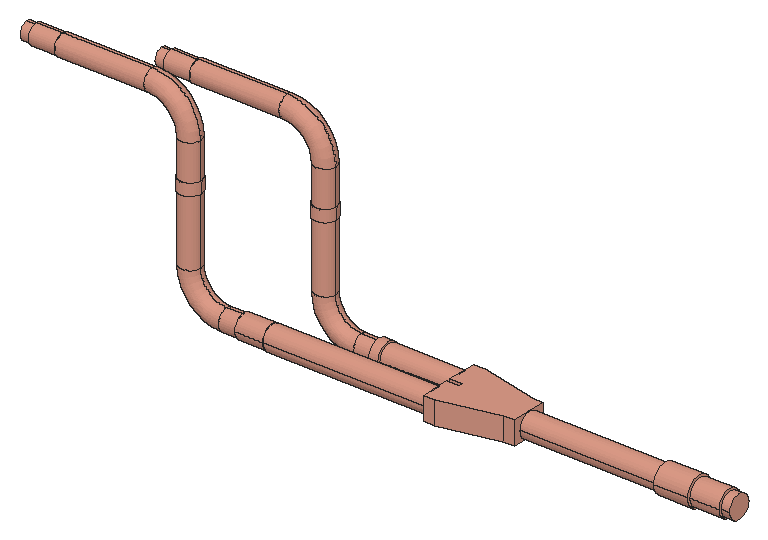
Revit family "outputfile", category 配管付属品, Revit 2024
Family settings
  丸型コネクタ寸法 = 半径を使用
  パーツ タイプ = 標準
  OmniClass 番号 = 23.65.55.00
  OmniClass タイトル = Distribution of Supplied Liquids/Gases
  作業面ベース = いいえ
  常に垂直 = はい
  ロード時にボイドで切り取り = いいえ
  共有 = いいえ
Parameters (values of type "BHFP26MA56")
  Description = ""
  製造元 = "Daikin"
  書き出し IFC クラス(タイプ) = "IfcPipeFittingType"
  Default Elevation = 0.0 mm
  定義済み IFC タイプ(タイプ) = "JUNCTION"
  Cost = 0
  モデル = "BHFP26MA56"
  Type Comments = ""
  Keynote = ""
  Type Image = (empty or 0)
  Assembly Code = ""
  table_PipeToCU_B [instance] = if(mm⇔inch, "Multi Module Kit_BHFP26MA-_HPLPGas_PipeToCU_B", "Multi Module Kit_BHFP26MA-_HPLPGas_PipeToCU_B_inch")  # "Multi Module Kit_BHFP26MA-_HPLPGas_PipeToCU_B"
  table_PipeToCU_A [instance] = if(mm⇔inch, "Multi Module Kit_BHFP26MA-_HPLPGas_PipeToCU_A", "Multi Module Kit_BHFP26MA-_HPLPGas_PipeToCU_A_inch")  # "Multi Module Kit_BHFP26MA-_HPLPGas_PipeToCU_A"
  table_ToMainPipe [instance] = if(mm⇔inch, "Multi Module Kit_BHFP26MA-_HPLPGas_ToMainPipe", "Multi Module Kit_BHFP26MA-_HPLPGas_ToMainPipe_inch")  # "Multi Module Kit_BHFP26MA-_HPLPGas_ToMainPipe"
  switch_ToMainPipe3 [instance] = if(number_ToMainPipe < 3, 1 = 0, 1 = 1)  # yes
  switch_PipeToCU_B Reducer [instance] = if(and(Is_PipeToCU_B Reducer = 1, judge_IsOffsetPipe_ToOutdoorUnitB = 0), 1 = 1, 1 = 0)  # yes
  switch_PipeToCU_B4 [instance] = if(number_PipeToCU_B < 4, 1 = 0, 1 = 1)  # no
  switch_PipeToCU_B3 [instance] = if(number_PipeToCU_B < 3, 1 = 0, 1 = 1)  # no
  switch_PipeToCU_B2 [instance] = if(number_PipeToCU_B < 2, 1 = 0, 1 = 1)  # no
  switch_PipeToCU_A Reducer [instance] = if(Is_PipeToCU_A Reducer = 1, 1 = 1, 1 = 0)  # yes
  switch_ToMainPipe Reducer [instance] = if(Is_ToMainPipe Reducer = 1, 1 = 1, 1 = 0)  # no
  switch_ToMainPipe2 [instance] = if(number_ToMainPipe < 2, 1 = 0, 1 = 1)  # yes
  switch_Offset Reducer(4) [instance] = if(and([judge_JointType(1or2)] = 1, Is_PipeToCU_B Reducer = 1, judge_IsOffsetPipe_ToOutdoorUnitB = 1), 1 = 1, 1 = 0)  # no
  switch_Offset Reducer(3) [instance] = if(and([judge_JointType(1or2)] = 2, Is_PipeToCU_B Reducer = 1, judge_IsOffsetPipe_ToOutdoorUnitB = 1), 1 = 1, 1 = 0)  # no
  r_PipeToCU_B_ActualDiameter [instance] = [PipeToCU_B_HP/LP Gas_ActualDiameter] / 2  # 7.95 mm
  r_PipeToCU_A_ActualDiameter [instance] = [PipeToCU_A_HP/LP Gas_ActualDiameter] / 2  # 7.95 mm
  r_ToMainPipe_ActualDiameter [instance] = [ToMainPipe_HP/LP Gas_ActualDiameter] / 2  # 11.1 mm
  number_PipeToCU_B ReducerPipe [instance] = size_lookup(table_PipeToCU_B, "reducerPipeNumber", 2, モデル, judge_IsOffsetPipe_ToOutdoorUnitB, [PipeToCU_B_HP/LP Gas_ActualDiameter])  # 2
  number_PipeToCU_B [instance] = size_lookup(table_PipeToCU_B, "pipeNumber", 1, モデル, judge_IsOffsetPipe_ToOutdoorUnitB, [PipeToCU_B_HP/LP Gas_ActualDiameter])  # 1
  number_PipeToCU_A ReducerPipe [instance] = size_lookup(table_PipeToCU_A, "reducerPipeNumber", 2, モデル, [PipeToCU_A_HP/LP Gas_ActualDiameter])  # 2
  number_ToMainPipe [instance] = size_lookup(table_ToMainPipe, "pipeNumber", 3, モデル, [ToMainPipe_HP/LP Gas_ActualDiameter])  # 3
  mm⇔inch [instance] = yes
  l_ToMainPipe3 [instance] = size_lookup(table_ToMainPipe, "L_Pipe3", 10.0 mm, モデル)  # 10.0 mm
  h_PipeToCU_B Connector [instance] = if(Is_PipeToCU_B Reducer = 1, 200.0 mm, 0.0 mm)  # 200.0 mm
  h_PipeToCU_A Connector [instance] = if(Is_PipeToCU_A Reducer = 1, 200.0 mm, 0.0 mm)  # 200.0 mm
  angle_PipeToCU_B Reducer [instance] = 90.00°  # constant formula
  Unit Type = "BHFP26MA-_HPLPGas"
  Uniclass2015Version = "Products v1.31"
  Uniclass2015Title = "Copper pipe fittings"
  Uniclass2015Code = "Pr_65_52_63_18"
  URL = ""
  ToMainPipe_HP/LP Gas_Status [instance] = size_lookup(table_ToMainPipe, "Information", "The connected pipe size is not available.", モデル, [ToMainPipe_HP/LP Gas_ActualDiameter])  # "Default connector size is used."
  ToMainPipe_HP/LP Gas_ActualDiameter [instance] = 22.2 mm
  Tag No. [instance] = ""
  Series = "Multi Module kit"
  PipeToCU_B_HP/LP Gas_Status [instance] = size_lookup(table_PipeToCU_B, "Information", "The connected pipe size is not available.", モデル, judge_IsOffsetPipe_ToOutdoorUnitB, [PipeToCU_B_HP/LP Gas_ActualDiameter])  # "Reducer is used at connector."
  PipeToCU_B_HP/LP Gas_ActualDiameter [instance] = 15.9 mm
  PipeToCU_A_HP/LP Gas_Status [instance] = size_lookup(table_PipeToCU_A, "Information", "The connected pipe size is not available.", モデル, [PipeToCU_A_HP/LP Gas_ActualDiameter])  # "Reducer is used at connector."
  PipeToCU_A_HP/LP Gas_ActualDiameter [instance] = 15.9 mm
  Material_Piping = DAIKIN_Copper_Pipe
  Material_Insulation = DAIKIN_White_Insulation
  location_PipeToCU_B connector [instance] = size_lookup(table_PipeToCU_B, "Locationconnector", 0.0 mm, モデル, judge_IsOffsetPipe_ToOutdoorUnitB, [PipeToCU_B_HP/LP Gas_ActualDiameter])  # 0.0 mm
  location_PipeToCU_A connector [instance] = size_lookup(table_PipeToCU_A, "Locationconnector", 0.0 mm, モデル, [PipeToCU_A_HP/LP Gas_ActualDiameter])  # 0.0 mm
  l_PipeToCU_B connector [instance] = size_lookup(table_PipeToCU_B, "Length", 433.0 mm, モデル, judge_IsOffsetPipe_ToOutdoorUnitB, [PipeToCU_B_HP/LP Gas_ActualDiameter])  # 433.0 mm
  l_PipeToCU_B Reducer [instance] = 100.0 mm  # constant formula
  l_PipeToCU_B4 [instance] = size_lookup(table_PipeToCU_B, "L_Pipe4", 2.0 mm, モデル)  # 2.0 mm
  l_PipeToCU_B3 [instance] = size_lookup(table_PipeToCU_B, "L_Pipe3", 2.0 mm, モデル)  # 2.0 mm
  l_PipeToCU_B2 [instance] = size_lookup(table_PipeToCU_B, "L_Pipe2", 10.0 mm, モデル)  # 10.0 mm
  l_PipeToCU_B1 [instance] = size_lookup(table_PipeToCU_B, "L_Pipe1", 30.0 mm, モデル)  # 30.0 mm
  l_PipeToCU_B0 [instance] = size_lookup(table_PipeToCU_B, "L_Pipe0", 173.0 mm, モデル)  # 173.0 mm
  l_PipeToCU_A connector [instance] = size_lookup(table_PipeToCU_A, "Length", 318.0 mm, モデル, [PipeToCU_A_HP/LP Gas_ActualDiameter])  # 318.0 mm
  l_PipeToCU_A1 [instance] = size_lookup(table_PipeToCU_A, "L_Pipe1", 10.0 mm, モデル)  # 10.0 mm
  l_PipeToCU_A0 [instance] = size_lookup(table_PipeToCU_A, "L_Pipe0", 78.0 mm, モデル)  # 78.0 mm
  l_ToMainPipe connector [instance] = size_lookup(table_ToMainPipe, "Length", 223.0 mm, モデル, [ToMainPipe_HP/LP Gas_ActualDiameter])  # 223.0 mm
  l_ToMainPipe Reducer [instance] = size_lookup(table_ToMainPipe, "L_Reducer", 2.0 mm, モデル, [ToMainPipe_HP/LP Gas_ActualDiameter])  # 2.0 mm
  l_ToMainPipe2 [instance] = size_lookup(table_ToMainPipe, "L_Pipe2", 32.0 mm, モデル)  # 32.0 mm
  l_ToMainPipe1 [instance] = size_lookup(table_ToMainPipe, "L_Pipe1", 36.0 mm, モデル)  # 36.0 mm
  l_ToMainPipe0 [instance] = size_lookup(table_ToMainPipe, "L_Pipe0", 145.0 mm, モデル)  # 145.0 mm
  judge_IsOffsetPipe_ToOutdoorUnitB [instance] = 0  # constant formula
  judge_JointType(1or2) = 2
  count_PipeToCU_B Reducer [instance] = size_lookup(table_PipeToCU_B, "reducerCount", 1, モデル, judge_IsOffsetPipe_ToOutdoorUnitB, [PipeToCU_B_HP/LP Gas_ActualDiameter])  # 1
  count_PipeToCU_A Reducer [instance] = size_lookup(table_PipeToCU_A, "reducerCount", 1, モデル, [PipeToCU_A_HP/LP Gas_ActualDiameter])  # 1
  angle_PipeToCU_A Reducer [instance] = 90.00°  # constant formula
  angle_PipeToCU_A Connector [instance] = 90.00°  # constant formula
  PipeToCU_B_HP/LP Gas_AvailableDiameter [instance] = size_lookup(table_PipeToCU_B, "sizeVariation", "", モデル, judge_IsOffsetPipe_ToOutdoorUnitB)  # "15.9/19.1mm"
  PipeToCU_A_HP/LP Gas_AvailableDiameter [instance] = size_lookup(table_PipeToCU_A, "sizeVariation", "", モデル)  # "15.9/19.1mm"
  ToMainPipe_HP/LP Gas_AvailableDiameter [instance] = size_lookup(table_ToMainPipe, "sizeVariation", "", モデル)  # "22.2/25.4/28.6mm"
  O.D_ToMainPipe Reducer [instance] = size_lookup(table_ToMainPipe, "O.D_reducer", 2.0 mm, モデル, [ToMainPipe_HP/LP Gas_ActualDiameter])  # 2.0 mm
  Link_Nested Family [instance] = ""
  Is_PipeToCU_B Reducer [instance] = size_lookup(table_PipeToCU_B, "IsReducer", 1, モデル, judge_IsOffsetPipe_ToOutdoorUnitB, [PipeToCU_B_HP/LP Gas_ActualDiameter])  # 1
  Is_PipeToCU_A Reducer [instance] = size_lookup(table_PipeToCU_A, "IsReducer", 1, モデル, [PipeToCU_A_HP/LP Gas_ActualDiameter])  # 1
  Is_ToMainPipe Reducer [instance] = size_lookup(table_ToMainPipe, "IsReducer", 0, モデル, [ToMainPipe_HP/LP Gas_ActualDiameter])  # 0
  IfcVersion = ""
  IfcExportType = "JUNCTION"
  IfcExportAs = "IfcPipeFittingType"
  I.D_ToMainPipe3 [instance] = size_lookup(table_ToMainPipe, "I.D_PipeSize3", 22.2 mm, モデル)  # 22.2 mm
  Attach_Insulation [instance] = no
  I.D_PipeToCU_B4 [instance] = size_lookup(table_PipeToCU_B, "I.D_PipeSize4", 2.0 mm, モデル)  # 2.0 mm
  I.D_PipeToCU_B3 [instance] = size_lookup(table_PipeToCU_B, "I.D_PipeSize3", 2.0 mm, モデル)  # 2.0 mm
  I.D_PipeToCU_B2 [instance] = size_lookup(table_PipeToCU_B, "I.D_PipeSize2", 19.1 mm, モデル)  # 19.1 mm
  I.D_PipeToCU_B1 [instance] = size_lookup(table_PipeToCU_B, "I.D_PipeSize1", 22.5 mm, モデル)  # 22.5 mm
  I.D_PipeToCU_B0 [instance] = size_lookup(table_PipeToCU_B, "I.D_PipeSize0", 23.4 mm, モデル)  # 23.4 mm
  I.D_PipeToCU_A1 [instance] = 24.5 mm  # constant formula
  I.D_PipeToCU_A0 [instance] = 22.2 mm  # constant formula
  I.D_ToMainPipe Reducer [instance] = size_lookup(table_ToMainPipe, "I.D_reducer", 2.0 mm, モデル, [ToMainPipe_HP/LP Gas_ActualDiameter])  # 2.0 mm
  I.D_ToMainPipe2 [instance] = size_lookup(table_ToMainPipe, "I.D_PipeSize2", 25.4 mm, モデル)  # 25.4 mm
  I.D_ToMainPipe1 [instance] = size_lookup(table_ToMainPipe, "I.D_PipeSize1", 28.6 mm, モデル)  # 28.6 mm
  I.D_ToMainPipe0 [instance] = size_lookup(table_ToMainPipe, "I.D_PipeSize0", 23.4 mm, モデル)  # 23.4 mm
Reference planes
  plane 1 "Center (Front/Back)": y = 0
  plane 2: z = 0
  plane 3 "MainPipe2": x = 225.65
  plane 4: x = 193.65
  plane 5: x = 157.65
  plane 6: x = 12.65
  plane 7: x = -72.35
  plane 8: x = -160.35
  plane 9: x = -245.35
  plane 10: x = -275.35
  plane 11: x = -285.35
  plane 12: x = -287.35
  plane 13: x = -289.35
  plane 14: y = 17.5
  plane 15: y = -17.491
  plane 16: x = -150.35
  plane 17: x = 62.65
  plane 18 "ToMainPipe_connector": x = 235.65
  plane 19 "connector_OutdoorunitA": x = -72.35
  plane 20 "connectorLocation_TooutdoorUnitB": y = -17.491
  plane 21 "connector_ToOutdoorUnitB": x = -505.35
  plane 22 "MainPipe3": x = 235.65
Forms (mm)
  Extrusion 1, solid, material "DAIKIN_Copper_Pipe" <- "Material_Piping"
    sketch origin (0, 0, 0) x (1, 0, 0) y (0, 1, 0)
      loop
        line (-72.35, 1.998) -> (-60.35, 1.998) -> (-60.35, -1.998) -> (-72.35, -1.998) -> (-72.35, -33.29) -> (-60.35, -33.29) -> (0.65, -19.109) -> (12.65, -19.109) -> (12.65, 18.821) -> (0.65, 18.821) -> (-60.35, 33.29) -> (-72.35, 33.29) -> (-72.35, 1.998)
    from -12.2 to 12.2
Dimensions and locks
  locked: Extrusion 1 sketch curve to Extrusion 1 sketch curve at 37.93
  locked: Extrusion 1 sketch curve to Extrusion 1 sketch curve at 66.58
  locked: plane 6 to plane 17 at 50
  "l_PipeToCU_A0": plane 16 to plane 7
  "l_PipeToCU_A1": plane 8 to plane 16
  "l_PipeToCU_B0": plane 9 to plane 7
  "l_PipeToCU_B1": plane 10 to plane 9
  "l_PipeToCU_B2": plane 11 to plane 10
  "l_PipeToCU_B3": plane 12 to plane 11
  "l_PipeToCU_B4": plane 13 to plane 12
  locked: plane 7 to plane 6 at 85
  plane 17 to plane 5 = 95.0 mm
  "l_ToMainPipe1": plane 5 to plane 4
  "l_ToMainPipe2": plane 4 to plane 3 "MainPipe2"
  "l_ToMainPipe0": plane 6 to plane 5
  "l_ToMainPipe connector": plane 6 to plane 18 "ToMainPipe_connector"
  "location_PipeToCU_A connector": plane 19 "connector_OutdoorunitA" to plane 7
  "l_PipeToCU_B connector": plane 21 "connector_ToOutdoorUnitB" to plane 7
  "location_PipeToCU_B connector": plane 20 "connectorLocation_TooutdoorUnitB" to plane 15
  plane 14 to plane 1 "Center (Front/Back)" to plane 15 = 17.5 mm locked, 17.491 mm locked
  plane 21 "connector_ToOutdoorUnitB" to plane 18 "ToMainPipe_connector" = 741.0 mm
  "l_ToMainPipe3": plane 3 "MainPipe2" to plane 22 "MainPipe3"
  aligned and locked: level to plane 2
  aligned and locked: plane 2 to nested 1
  aligned and locked: plane 1 "Center (Front/Back)" to nested 1
  aligned and locked: plane 3 "MainPipe2" to nested 1
  aligned and locked: plane 4 to nested 1
  aligned and locked: plane 4 to nested 2
  aligned and locked: plane 5 to nested 2
  aligned and locked: plane 5 to nested 3
  aligned and locked: plane 6 to nested 3
  aligned and locked: plane 6 to Extrusion 1
  aligned and locked: Extrusion 1 to plane 7  (x2)
  aligned and locked: plane 7 to nested 4
  aligned and locked: plane 8 to nested 5
  aligned and locked: plane 16 to nested 5
  aligned and locked: nested 5 to plane 14
  aligned and locked: nested 6 to plane 15
  aligned and locked: plane 7 to nested 6
  aligned and locked: plane 9 to nested 6
  aligned and locked: plane 10 to nested 7
  aligned and locked: plane 9 to nested 7
  aligned and locked: plane 11 to nested 8
  aligned and locked: plane 10 to nested 8
  aligned and locked: plane 12 to nested 9
  aligned and locked: plane 11 to nested 9
  aligned and locked: plane 13 to nested 10
  aligned and locked: plane 12 to nested 10
  aligned and locked: nested 10 to plane 15
  aligned and locked: nested 9 to plane 15
  aligned and locked: nested 8 to plane 15
  aligned and locked: nested 7 to plane 15
  aligned and locked: plane 1 "Center (Front/Back)" to nested 11
  aligned and locked: plane 17 to nested 11
  aligned and locked: plane 16 to nested 4
  aligned and locked: nested 12 to plane 14
  aligned and locked: plane 8 to nested 12
  aligned and locked: plane 1 "Center (Front/Back)" to nested 13
  aligned and locked: plane 18 "ToMainPipe_connector" to nested 13
  aligned and locked: plane 6 to nested 14
  aligned and locked: plane 1 "Center (Front/Back)" to nested 3
  aligned and locked: plane 14 to nested 15
  aligned and locked: nested 15 to plane 19 "connector_OutdoorunitA"
  aligned and locked: nested 16 to plane 20 "connectorLocation_TooutdoorUnitB"
  aligned and locked: nested 16 to plane 7
  aligned and locked: nested 16 to plane 15
  aligned and locked: plane 3 "MainPipe2" to nested 18
  aligned and locked: plane 22 "MainPipe3" to nested 18
  aligned and locked: plane 1 "Center (Front/Back)" to nested 18
  aligned and locked: plane 10 to nested 17
Automatic sketch dimensions
  Extrusion 1 sketch curve to plane 7 = 0.0 mm  (x2)
  Extrusion 1 sketch curve to plane 6 = 0.0 mm
  Extrusion 1 sketch curve to Extrusion 1 sketch curve = 12.0 mm  (x3)
  Extrusion 1 sketch curve to plane 1 "Center (Front/Back)" = 1.998 mm
  plane 14 to Extrusion 1 sketch curve = 1.321 mm
  Extrusion 1 sketch curve to plane 6 = 12.0 mm  (x2)
  Extrusion 1 sketch curve to plane 15 = 15.799 mm
  plane 1 "Center (Front/Back)" to Extrusion 1 sketch curve = 1.998 mm
Nested families
  nested 1: "daikin_Pipe" at (209.65, 0, 0), I.D_Pipe <- "I.D_ToMainPipe2", display <- "switch_ToMainPipe2", type "*"
    with length_Pipe 32.0 mm, display yes, O.D_Pipe 27.4 mm, I.D_Pipe 25.4 mm
  nested 2: "daikin_Pipe" at (175.65, 0, 0), I.D_Pipe <- "I.D_ToMainPipe1", type "*"
    with length_Pipe 36.0 mm, display yes, O.D_Pipe 30.6 mm, I.D_Pipe 28.6 mm
  nested 3: "daikin_Pipe" at (85.15, 0, 0), I.D_Pipe <- "I.D_ToMainPipe0", type "*"
    with length_Pipe 145.0 mm, display yes, O.D_Pipe 25.4 mm, I.D_Pipe 23.4 mm
  nested 4: "daikin_Pipe" at (-111.35, 17.644, 0), I.D_Pipe <- "I.D_PipeToCU_A0", type "*"
    with length_Pipe 78.0 mm, display yes, O.D_Pipe 24.2 mm, I.D_Pipe 22.2 mm
  nested 5: "daikin_Pipe" at (-155.35, 17.5, 0), I.D_Pipe <- "I.D_PipeToCU_A1", type "*"
    with length_Pipe 10.0 mm, display yes, O.D_Pipe 26.5 mm, I.D_Pipe 24.5 mm
  nested 6: "daikin_Pipe" at (-158.85, -17.491, 0), I.D_Pipe <- "I.D_PipeToCU_B0", type "*"
    with length_Pipe 173.0 mm, display yes, O.D_Pipe 25.4 mm, I.D_Pipe 23.4 mm
  nested 7: "daikin_Pipe" at (-260.35, -17.491, 0), I.D_Pipe <- "I.D_PipeToCU_B1", type "*"
    with length_Pipe 30.0 mm, display yes, O.D_Pipe 24.5 mm, I.D_Pipe 22.5 mm
  nested 8: "daikin_Pipe" at (-280.35, -17.491, 0), I.D_Pipe <- "I.D_PipeToCU_B2", display <- "switch_PipeToCU_B2", type "*"
    with length_Pipe 10.0 mm, display no, O.D_Pipe 21.1 mm, I.D_Pipe 19.1 mm
  nested 9: "daikin_Pipe" at (-286.35, -17.491, 0), display <- "switch_PipeToCU_B3", I.D_Pipe <- "I.D_PipeToCU_B3", visible <- "switch_PipeToCU_B3", type "*"
    with length_Pipe 2.0 mm, display no, O.D_Pipe 4.0 mm, I.D_Pipe 2.0 mm
  nested 10: "daikin_Pipe" at (-288.35, -17.491, 0), display <- "switch_PipeToCU_B4", I.D_Pipe <- "I.D_PipeToCU_B4", visible <- "switch_PipeToCU_B4", type "*"
    with length_Pipe 2.0 mm, display no, O.D_Pipe 4.0 mm, I.D_Pipe 2.0 mm
  nested 11: "daikin_MultiModeluKit_Insulation" at (62.65, 0, 0), display <- "Attach_Insulation", type "*"
    with h 54.2 mm, display no, I.D_Outlet PipeSize 22.2 mm
  nested 12: "daikin_Multi Module kit_Reducer90_rotate" at (-160.35, 17.5, 0), number_reducerPipe <- "number_PipeToCU_A ReducerPipe", angle_Pipe <- "angle_PipeToCU_A Reducer", visible <- "switch_PipeToCU_A Reducer", type "PipeToCU_A"
    with number_reducerPipe 2, angle_Pipe 90.00°, I.D_connector 19.1 mm
  nested 13: "daikin_Pipe_reducer" at (234.65, 0, 0), I.D_Pipe1 <- "I.D_ToMainPipe Reducer", O.D_Pipe2 <- "O.D_ToMainPipe Reducer", length_Pipe <- "l_ToMainPipe Reducer", display <- "switch_ToMainPipe Reducer", type "*"
    with length_Pipe 2.0 mm, display no, O.D_Pipe2 2.0 mm, O.D_Pipe1 4.0 mm, I.D_Pipe2 0.0 mm, I.D_Pipe1 2.0 mm
  nested 14: "daikin_connector_rotate3" at (12.65, 0, 0) x (0, 1, 0) z (0, 0, 1), length <- "l_ToMainPipe connector", type "daikin_connector_rotate3"
    with radius 10.0 mm, length 223.0 mm, angle_vertical 90.00°, angle_horizontal 0.00°
  nested 15: "daikin_connector_rotate3" at (-72.35, 17.5, 200) x (-1, 0, 0) z (0, 0, 1), length <- "l_PipeToCU_A connector", angle_vertical <- "angle_PipeToCU_A Connector", built-in parameter 1001364 <- "h_PipeToCU_A Connector", type "daikin_connector_rotate3"
    with radius 10.0 mm, length 318.0 mm, angle_vertical 90.00°, angle_horizontal 90.00°
  nested 16: "daikin_connector_rotate3" at (-72.35, -17.491, 200) x (0, -1, 0) z (0, 0, 1), length <- "l_PipeToCU_B connector", built-in parameter 1001364 <- "h_PipeToCU_B Connector", type "daikin_connector_rotate3"
    with radius 10.0 mm, length 433.0 mm, angle_vertical 90.00°, angle_horizontal 0.00°
  nested 17: "daikin_Multi Module kit_Reducer90_rotate" at (-275.35, -17.491, 0), number_reducerPipe <- "number_PipeToCU_B ReducerPipe", angle_Pipe <- "angle_PipeToCU_B Reducer", visible <- "switch_PipeToCU_B Reducer", type "PipeToCU_B"
    with number_reducerPipe 2, angle_Pipe 90.00°, I.D_connector 34.9 mm, l_Pipe0 57.0 mm
  nested 18: "daikin_Pipe" at (230.65, 0, 0), I.D_Pipe <- "I.D_ToMainPipe3", display <- "switch_ToMainPipe3", type "*"
    with length_Pipe 10.0 mm, display yes, O.D_Pipe 24.2 mm, I.D_Pipe 22.2 mm
Connectors
  piping at (235.65, 0, 0), diameter 22.2, driven by "r_ToMainPipe_ActualDiameter"
    settings: on nested 14, index 1, connector inside diameter 609.6 mm, connector length 0.0 mm, flow factor 0, pipe flow 0.00 m³/h, pressure drop 0.0 Pa, fitting loss kfactor 0, connector angle 0.00°, fixture units 0, engagement length 0.0 mm, angle of deflection 0.00°, flow configuration 0, flow direction 0, fitting loss method 0, system type 29, joint type 0, gender type 0, connector reference index -1, connector utility 0, adjustable connector no, is connector primary yes, connector description "Multi Module kit_to Main Pipe_HP/LP Gas"
  piping at (-390.35, 17.5, 200), diameter 15.9, driven by "r_PipeToCU_A_ActualDiameter"
    settings: on nested 15, index 2, connector inside diameter 609.6 mm, connector length 0.0 mm, flow factor 0, pipe flow 0.00 m³/h, pressure drop 0.0 Pa, fitting loss kfactor 0, connector angle 0.00°, fixture units 0, engagement length 0.0 mm, angle of deflection 0.00°, flow configuration 0, flow direction 0, fitting loss method 0, system type 29, joint type 0, gender type 0, connector reference index -1, connector utility 0, adjustable connector no, is connector primary no, connector description "Multi Module kit_Piping to CU-A_HP/LP Gas"
  piping at (-505.35, -17.491, 200), diameter 15.9, driven by "r_PipeToCU_B_ActualDiameter"
    settings: on nested 16, index 3, connector inside diameter 609.6 mm, connector length 0.0 mm, flow factor 0, pipe flow 0.00 m³/h, pressure drop 0.0 Pa, fitting loss kfactor 0, connector angle 0.00°, fixture units 0, engagement length 0.0 mm, angle of deflection 0.00°, flow configuration 0, flow direction 0, fitting loss method 0, system type 29, joint type 0, gender type 0, connector reference index -1, connector utility 0, adjustable connector no, is connector primary no, connector description "Multi Module kit_Piping to CU-B_HP/LP Gas"
Definition of nested family "daikin_Pipe"
  Parameters (values of type "*")
    Default Elevation = 0.0 mm
    material = none
    length_Pipe [instance] = 150.0 mm
    display [instance] = yes
    O.D_Pipe [instance] = I.D_Pipe + 2.0 mm  # 27.0 mm
    I.D_Pipe [instance] = 25.0 mm
  Reference planes
    plane 1 "Center (Front/Back)": y = 0
    plane 2 "center(vertical)": z = 0
    plane 3 "Center (Left/Right)": x = 0
    plane 4 "left": x = -75
    plane 5 "right": x = 75
  Forms (mm)
    Extrusion 1, solid, material <- "material", visible <- "display"
      sketch origin (0, 0, 0) x (0, 1, 0) y (0, 0, 1)
        loop
          circle (0, 0) r 13.5
      from -75 to 75
  Dimensions and locks
    equal spacing: plane 4 "left", plane 3 "Center (Left/Right)", plane 5 "right"
    "length_Pipe": plane 4 "left" to plane 5 "right"
    "O.D_Pipe": diameter of Extrusion 1 sketch curve
    aligned and locked: level to plane 2 "center(vertical)"
    aligned and locked: plane 2 "center(vertical)" to Extrusion 1 sketch curve
    aligned and locked: plane 1 "Center (Front/Back)" to Extrusion 1 sketch curve
    aligned and locked: plane 5 "right" to Extrusion 1
    aligned and locked: Extrusion 1 to plane 4 "left"
Definition of nested family "daikin_Multi Module kit_Reducer90_rotate"
  Parameters (values of type "PipeToCU_A")
    Default Elevation = 0.0 mm
    number_reducerPipe [instance] = 4
    material_Pipe = none
    l_Pipe0 = 57.0 mm
    angle_Pipe [instance] = 30.00°
    I.D_connector [instance] = 34.9 mm
  Types (2, lengths in mm): name | l_Pipe0
    PipeToCU_A | 57.0
    PipeToCU_B | 57.5
  Reference planes
    plane 1 "Center (Front/Back)": y = 0
    plane 2: z = 0
    plane 3 "Center (Left/Right)": x = 0
  Dimensions and locks
    "angle_Pipe": angle plane 2 to nested 1
    aligned and locked: level to plane 2
  Nested families
    nested 1: "daikin_Multi Module kit_Reducer90" at (0, 0, 0) x (1, 0, 0) z (0, -0.5, 0.866), I.D_connector <- "I.D_connector", ReducerPipe <- "number_reducerPipe", l_Pipe0 <- "l_Pipe0", type "*"
      with l_Pipe0 57.0 mm, display_Pipe4 no, display_Pipe3 no, ReducerPipe 4, I.D_connector 34.9 mm
  Definition of nested family "daikin_Multi Module kit_Reducer90"
    Parameters (values of type "*")
      Default Elevation = 0.0 mm
      material_Pipe = none
      l_Pipe0 [instance] = 57.0 mm
      display_Pipe4 [instance] = ReducerPipe = 2  # no
      display_Pipe3 [instance] = or(ReducerPipe = 1, ReducerPipe = 2)  # no
      ReducerPipe [instance] = 0
      O.D_Pipe4 = 15.9 mm + 2.0 mm  # 17.9 mm
      O.D_Pipe3 = 19.1 mm + 2.0 mm  # 21.1 mm
      O.D_Pipe2 = 22.2 mm  # constant formula
      O.D_Pipe1 = 22.2 mm + 2.0 mm  # 24.2 mm
      O.D_Pipe0 = 22.2 mm  # constant formula
      I.D_connector [instance] = 0.0 mm
    Reference planes
      plane 1 "Center (Front/Back)": y = 0
      plane 2 "center_vertical": z = 0
      plane 3 "Center (Left/Right)": x = 0
      plane 4 "center_toOutdoor": x = -57
      plane 5: y = 110
      plane 6: y = 122
      plane 7: y = 200
      plane 8: x = -192
      plane 9: x = -220
      plane 10: x = -230
    Forms (mm)
      Sweep 1, solid, material <- "material_Pipe"
        path origin (0, 0, 0) x (1, 0, 0) y (0, 1, 0)
          loop
            line (0, 0) -> (-18.241, 0)
            arc (-18.241, 0) -> (-45.648, 11.352) -> (-57, 38.759) r 38.759
            line (-57, 38.759) -> (-57, 110)
        profile origin (-9.12, 0, 0) x (0, -1, 0) y (0, 0, 1)
          loop
            circle (0, 0) r 11.1
      Extrusion 2, solid, material <- "material_Pipe"
        sketch origin (0, 0, 0) x (1, 0, 0) y (0, 0, 1)
          loop
            circle (-57, 0) r 12.1
        from -122 to -110
      Sweep 3, solid, material <- "material_Pipe"
        path origin (0, 0, 0) x (1, 0, 0) y (0, 1, 0)
          loop
            line (-57, 122) -> (-57, 160)
            arc (-57, 160) -> (-68.716, 188.284) -> (-97, 200) r 40
            line (-97, 200) -> (-192, 200)
        profile origin (-57, 141, 0) x (-1, 0, 0) y (0, 0, 1)
          loop
            circle (0, 0) r 11.1
      Extrusion 4, solid, material <- "material_Pipe", visible <- "display_Pipe3"
        sketch origin (0, 0, 0) x (0, 1, 0) y (0, 0, 1)
          loop
            circle (200, 0) r 10.55
        from -220 to -192
      Extrusion 5, solid, material <- "material_Pipe", visible <- "display_Pipe4"
        sketch origin (0, -10.14, 0) x (0, 1, 0) y (0, 0, 1)
          loop
            circle (210.14, 0) r 8.95
        from -230 to -220
    Lines and regions (mm)
      reference lines
        curve 1: line (0, 0, 0) -> (-57, 0, 0)
    Dimensions and locks
      locked: plane 1 "Center (Front/Back)" to plane 5 at 110
      locked: plane 6 to plane 5 at 12
      "l_Pipe0": plane 4 "center_toOutdoor" to plane 3 "Center (Left/Right)"
      plane 1 "Center (Front/Back)" to plane 7 = 200.0 mm
      locked: plane 8 to plane 4 "center_toOutdoor" at 135
      locked: plane 9 to plane 8 at 28
      locked: plane 10 to plane 9 at 10
      plane 10 to plane 3 "Center (Left/Right)" = 230.0 mm
      "O.D_Pipe0": diameter of Sweep 1 sketch curve
      "O.D_Pipe1": diameter of Extrusion 2 sketch curve
      "O.D_Pipe2": diameter of Sweep 3 sketch curve
      "O.D_Pipe3": diameter of Extrusion 4 sketch curve
      "O.D_Pipe4": diameter of Extrusion 5 sketch curve
      aligned and locked: level to plane 2 "center_vertical"
      aligned and locked: plane 6 to Extrusion 2
      aligned and locked: Extrusion 2 to plane 5
      aligned and locked: Sweep 1 sketch curve to plane 1 "Center (Front/Back)"
      aligned and locked: plane 3 "Center (Left/Right)" to curve 1
      aligned and locked: curve 1 to plane 1 "Center (Front/Back)"
      aligned and locked: plane 4 "center_toOutdoor" to Sweep 3 sketch curve
      aligned and locked: plane 2 "center_vertical" to Sweep 3 sketch curve
      aligned and locked: plane 2 "center_vertical" to Extrusion 4 sketch curve
      aligned and locked: plane 7 to Extrusion 4 sketch curve
      aligned and locked: Extrusion 4 to plane 9
      aligned and locked: plane 8 to Extrusion 4
      aligned and locked: Extrusion 5 to plane 10
      aligned and locked: plane 9 to Extrusion 5
      aligned and locked: plane 7 to Extrusion 5 sketch curve
      aligned and locked: plane 2 "center_vertical" to Extrusion 5 sketch curve
    Automatic sketch dimensions
      Sweep 1 sketch curve to plane 4 "center_toOutdoor" = 0.0 mm
      Sweep 1 sketch curve to plane 3 "Center (Left/Right)" = 0.0 mm
      Sweep 1 sketch curve to plane 5 = 0.0 mm
      Sweep 1 sketch curve to plane 3 "Center (Left/Right)" = 18.241 mm
      curve 1 to plane 4 "center_toOutdoor" = 0.0 mm
      Sweep 3 sketch curve to plane 7 = 0.0 mm
      Sweep 3 sketch curve to plane 8 = 0.0 mm
      Sweep 3 sketch curve to plane 4 "center_toOutdoor" = 0.0 mm
      Sweep 3 sketch curve to plane 6 = 0.0 mm
      Sweep 3 sketch curve to plane 4 "center_toOutdoor" = 40.0 mm
      Sweep 1 sketch curve to level = 0.0 mm
      Sweep 1 sketch curve to profile plane = 0.0 mm
      Extrusion 2 sketch curve to level = 0.0 mm
      Extrusion 2 sketch curve to plane 4 "center_toOutdoor" = 0.0 mm
Definition of nested family "daikin_MultiModeluKit_Insulation"
  Parameters (values of type "*")
    Default Elevation = 0.0 mm
    Model = ""
    material = none
    h [instance] = (I.D_Outlet PipeSize + 2.0 mm) + 30.0 mm  # 47.0 mm
    display [instance] = yes
    I.D_Outlet PipeSize [instance] = 15.0 mm
  Reference planes
    plane 1 "Center (Front/Back)": y = 0
    plane 2: z = 0
    plane 3 "Left": x = 0
    plane 4 "top": z = 23.5
    plane 5 "bottom": z = -23.5
  Forms (mm)
    Extrusion 1, solid, material <- "material", visible <- "display"
      sketch origin (0, 0, 0) x (1, 0, 0) y (0, 1, 0)
        loop
          line (0, -27.7) -> (0, 27.7) -> (-123, 45.79) -> (-206, 45.79) -> (-206, 7.021) -> (-269.393, 10) -> (-321, 10) -> (-321, -45.79) -> (-123, -45.79) -> (0, -27.7)
      from -23.5 to 23.5
  Dimensions and locks
    equal spacing: plane 4 "top", plane 2, plane 5 "bottom"
    "h": plane 4 "top" to plane 5 "bottom"
    aligned and locked: level to plane 2
    aligned and locked: plane 3 "Left" to Extrusion 1
    aligned and locked: Extrusion 1 to plane 5 "bottom"
    aligned and locked: plane 4 "top" to Extrusion 1
  Automatic sketch dimensions
    Extrusion 1 sketch curve to plane 3 "Left" = 0.0 mm
    Extrusion 1 sketch curve to plane 1 "Center (Front/Back)" = 45.79 mm
    Extrusion 1 sketch curve to plane 3 "Left" = 123.0 mm
    Extrusion 1 sketch curve to Extrusion 1 sketch curve = 83.0 mm
    Extrusion 1 sketch curve to plane 1 "Center (Front/Back)" = 10.0 mm
    Extrusion 1 sketch curve to Extrusion 1 sketch curve = 63.393 mm
    Extrusion 1 sketch curve to Extrusion 1 sketch curve = 51.607 mm
    Extrusion 1 sketch curve to plane 1 "Center (Front/Back)" = 7.021 mm
    plane 1 "Center (Front/Back)" to Extrusion 1 sketch curve = 45.79 mm
    Extrusion 1 sketch curve to plane 1 "Center (Front/Back)" = 27.7 mm
    Extrusion 1 sketch curve to Extrusion 1 sketch curve = 0.0 mm
    plane 1 "Center (Front/Back)" to Extrusion 1 sketch curve = 27.7 mm
Definition of nested family "daikin_Pipe_reducer"
  Parameters (values of type "*")
    Default Elevation = 0.0 mm
    material = none
    length_Pipe [instance] = 250.0 mm
    display [instance] = yes
    O.D_Pipe2 [instance] = 19.1 mm
    O.D_Pipe1 [instance] = I.D_Pipe1 + 2.0 mm  # 24.2 mm
    I.D_Pipe2 [instance] = O.D_Pipe2 - 2.0 mm  # 17.1 mm
    I.D_Pipe1 [instance] = 22.2 mm
  Reference planes
    plane 1 "Center (Front/Back)": y = 0
    plane 2 "center(vertical)": z = 0
    plane 3 "Center (Left/Right)": x = 0
    plane 4 "connection": x = -125
    plane 5 "right": x = 113
    plane 6: x = 125
  Forms (mm)
    Extrusion 1, solid, material <- "material", visible <- "display"
      sketch origin (0, 0, 0) x (0, 1, 0) y (0, 0, 1)
        loop
          circle (0, 0) r 9.55
      from -125 to 113
    Extrusion 2, solid, material <- "material", visible <- "display"
      sketch origin (0, 0, 0) x (0, 1, 0) y (0, 0, 1)
        loop
          circle (0, 0) r 12.1
      from 113 to 125
  Dimensions and locks
    locked: plane 5 "right" to plane 6 at 12
    "length_Pipe": plane 4 "connection" to plane 6
    equal spacing: plane 4 "connection", plane 3 "Center (Left/Right)", plane 6
    "O.D_Pipe2": diameter of Extrusion 1 sketch curve
    "O.D_Pipe1": diameter of Extrusion 2 sketch curve
    aligned and locked: level to plane 2 "center(vertical)"
    aligned and locked: plane 2 "center(vertical)" to Extrusion 1 sketch curve
    aligned and locked: plane 1 "Center (Front/Back)" to Extrusion 1 sketch curve
    aligned and locked: plane 5 "right" to Extrusion 1
    aligned and locked: Extrusion 1 to plane 4 "connection"
    aligned and locked: plane 2 "center(vertical)" to Extrusion 2 sketch curve
    aligned and locked: plane 1 "Center (Front/Back)" to Extrusion 2 sketch curve
    aligned and locked: Extrusion 2 to plane 5 "right"
    aligned and locked: plane 6 to Extrusion 2
Definition of nested family "daikin_connector_rotate3"
  Parameters (values of type "daikin_connector_rotate3")
    Default Elevation = 1219.2 mm
    show_face = no
    show_circle = no
    radius [instance] = 10.0 mm
    length [instance] = 600.0 mm
    angle_horizontal [instance] = 60.00°
    angle_vertical [instance] = 90.00°
  Reference planes
    plane 1 "Center (Front/Back)": y = 0
    plane 2: z = 0
    plane 3 "Center (Left/Right)": x = 0
  Dimensions and locks
    "angle_horizontal": angle plane 3 "Center (Left/Right)" to nested 1
    aligned and locked: level to plane 2
    aligned and locked: plane 1 "Center (Front/Back)" to nested 1  (x2)
    aligned and locked: plane 3 "Center (Left/Right)" to nested 1
  Nested families
    nested 1: "daikin_connector_rotate2" at (0, 0, 0) x (0.5, 0.866, 0) z (0, 0, 1), angle_vertical <- "angle_vertical", length <- "length", radius <- "radius", type "daikin_connector_rotate2"
      with radius 10.0 mm, length 600.0 mm, angle_vertical 90.00°, Default Elevation 0.0 mm, show_circle no
  Definition of nested family "daikin_connector_rotate2"
    Parameters (values of type "daikin_connector_rotate2")
      Default Elevation = 1219.2 mm
      show_face = no
      show_circle = yes
      radius [instance] = 10.0 mm
      length [instance] = 600.0 mm
      d_surface = 10.0 mm
      angle_vertical [instance] = 90.00°
    Reference planes
      plane 1 "Center (Front/Back)": y = 0
      plane 2: z = 0
      plane 3 "Center (Left/Right)": x = 0
    Forms (mm)
      Extrusion 1, solid, visible <- "show_face"
        sketch origin (0, -600, 0) x (1, 0, 0) y (0, 0, 1)
          loop
            circle (0, 0) r 10
        from 0 to -10
    Lines and regions (mm)
      reference lines
        curve 1: line (0, 0, 0) -> (0, -600, 0)
      symbolic lines, visible <- "show_circle"
        curve 2: circle (0, 0, 0) r 5 normal (0, 0, 1)
      model lines, visible <- "show_face"
        curve 3: line (0, 0, 0) -> (0, -600, 0)
    Dimensions and locks
      "length": curve 1 to curve 1
      "length": curve 3 to curve 3
      "d_surface": Extrusion 1 to Extrusion 1
      "radius": radius of Extrusion 1 sketch curve
      "angle_vertical": angle curve 1 to plane 1 "Center (Front/Back)"
      "angle_vertical": angle curve 3 to plane 1 "Center (Front/Back)"
      aligned and locked: level to plane 2
      aligned and locked: plane 1 "Center (Front/Back)" to curve 1
      aligned and locked: plane 2 to curve 1
      aligned and locked: plane 1 "Center (Front/Back)" to curve 2
      aligned and locked: plane 3 "Center (Left/Right)" to curve 2
      aligned and locked: plane 1 "Center (Front/Back)" to curve 3
      aligned and locked: plane 2 to curve 3
      aligned and locked: Extrusion 1 to Extrusion 1
    Automatic sketch dimensions
      Extrusion 1 sketch curve to level = 0.0 mm
      Extrusion 1 sketch curve to plane 3 "Center (Left/Right)" = 0.0 mm
      radius of curve 2 = 5.0 mm
